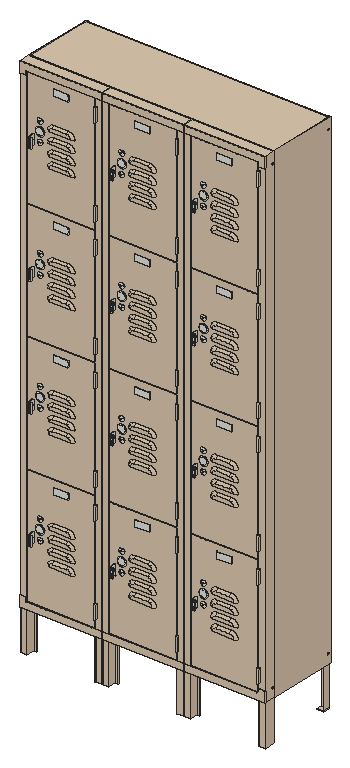
Revit family "Metal_Lockers-Salsbury_Industries-64000_Series-3_Wide_Units", category Specialty Equipment, Revit 2016 (continued)
Definition of nested family "Metal Locker Legs - 3 Wide"
  Dimensions and locks (in)
    plane 6 "Left Side of Unit" to plane 19 "Left Edge or Rear Left Leg" to plane 11 "Left Side of Door Opening" to plane 22 "Inside Edge or Left Rear Leg" to plane 14 "Inside Edge of Front Leg" = 0.120", 0.880", 0.120", 0.320"
    plane 20 to plane 17 "Back Edge of Rear Legs" to plane 8 "Back of Unit" = 1.000", 0.110"
    equal spacing: plane 6 "Left Side of Unit", plane 24, plane 23, plane 7 "Right Side of Unit"
    aligned and locked: level to plane 2
    aligned and locked: Extrusion 3 to Extrusion 4
    aligned and locked: Extrusion 6 to Extrusion 5
    aligned and locked: Extrusion 3 to plane 18 "Right Edge of Rear Right Leg"
    aligned and locked: Extrusion 3 to plane 17 "Back Edge of Rear Legs"
    aligned and locked: Extrusion 5 to plane 19 "Left Edge or Rear Left Leg"
    aligned and locked: plane 17 "Back Edge of Rear Legs" to Extrusion 5
    aligned and locked: plane 5 "Bottom of Unit" to Extrusion 2
    aligned and locked: Extrusion 1 to plane 5 "Bottom of Unit"
    aligned and locked: Extrusion 3 to plane 12 "Top of back legs"
    aligned and locked: plane 12 "Top of back legs" to Extrusion 5
  Automatic sketch dimensions
    plane 13 "Back Edge of Front Facing" to Extrusion 1 sketch curve = 0.000"
    Extrusion 1 sketch curve to plane 15 "Inside Edge of Right Leg" = 0.000"
    plane 16 to Extrusion 1 sketch curve = 0.000"
    Extrusion 1 sketch curve to plane 7 "Right Side of Unit" = 0.000"
    plane 9 "Front of Unit" to Extrusion 1 sketch curve = 0.000"
    Extrusion 1 sketch curve to plane 10 "Right Side of Door Opening" = 0.000"
    Extrusion 1 sketch curve to plane 16 = 0.060"
    Extrusion 1 sketch curve to plane 9 "Front of Unit" = 0.060"
    Extrusion 1 sketch curve to plane 10 "Right Side of Door Opening" = 0.060"
    plane 7 "Right Side of Unit" to Extrusion 1 sketch curve = 0.060"
    Extrusion 2 sketch curve to plane 13 "Back Edge of Front Facing" = 0.000"
    Extrusion 2 sketch curve to plane 14 "Inside Edge of Front Leg" = 0.000"
    Extrusion 2 sketch curve to plane 16 = 0.000"
    Extrusion 2 sketch curve to plane 6 "Left Side of Unit" = 0.000"
    Extrusion 2 sketch curve to plane 9 "Front of Unit" = 0.000"
    Extrusion 2 sketch curve to plane 11 "Left Side of Door Opening" = 0.000"
    plane 16 to Extrusion 2 sketch curve = 0.060"
    plane 9 "Front of Unit" to Extrusion 2 sketch curve = 0.060"
    Extrusion 2 sketch curve to plane 11 "Left Side of Door Opening" = 0.060"
    plane 6 "Left Side of Unit" to Extrusion 2 sketch curve = 0.060"
    plane 17 "Back Edge of Rear Legs" to Extrusion 3 sketch curve = 0.000"
    Extrusion 3 sketch curve to plane 21 "Inside Edge or Rear Right Leg" = 0.000"
    Extrusion 3 sketch curve to plane 18 "Right Edge of Rear Right Leg" = 0.000"
    plane 20 to Extrusion 3 sketch curve = 0.000"
    plane 17 "Back Edge of Rear Legs" to Extrusion 3 sketch curve = 0.060"
    plane 18 "Right Edge of Rear Right Leg" to Extrusion 3 sketch curve = 0.060"
    plane 17 "Back Edge of Rear Legs" to Extrusion 4 sketch curve = 0.000"
    Extrusion 4 sketch curve to plane 18 "Right Edge of Rear Right Leg" = 0.000"
    plane 20 to Extrusion 4 sketch curve = 0.000"
    Extrusion 4 sketch curve to plane 21 "Inside Edge or Rear Right Leg" = 0.000"
    Extrusion 5 sketch curve to plane 17 "Back Edge of Rear Legs" = 0.000"
    Extrusion 5 sketch curve to plane 22 "Inside Edge or Left Rear Leg" = 0.000"
    Extrusion 5 sketch curve to plane 19 "Left Edge or Rear Left Leg" = 0.000"
    Extrusion 5 sketch curve to plane 20 = 0.000"
    Extrusion 5 sketch curve to plane 17 "Back Edge of Rear Legs" = 0.060"
    Extrusion 5 sketch curve to plane 19 "Left Edge or Rear Left Leg" = 0.060"
    Extrusion 6 sketch curve to plane 17 "Back Edge of Rear Legs" = 0.000"
    Extrusion 6 sketch curve to plane 19 "Left Edge or Rear Left Leg" = 0.000"
    Extrusion 6 sketch curve to plane 20 = 0.000"
    Extrusion 6 sketch curve to plane 22 "Inside Edge or Left Rear Leg" = 0.000"
    plane 13 "Back Edge of Front Facing" to Extrusion 7 sketch curve = 0.000"
    plane 16 to Extrusion 7 sketch curve = 0.000"
    plane 9 "Front of Unit" to Extrusion 7 sketch curve = 0.000"
    Extrusion 7 sketch curve to plane 24 = 0.000"
    plane 16 to Extrusion 7 sketch curve = 0.060"
    plane 9 "Front of Unit" to Extrusion 7 sketch curve = 0.060"
    plane 24 to Extrusion 7 sketch curve = 0.060"
    plane 24 to Extrusion 7 sketch curve = 0.940"
    Extrusion 7 sketch curve to Extrusion 7 sketch curve = 0.060"
    Extrusion 7 sketch curve to Extrusion 7 sketch curve = 0.440"
    plane 13 "Back Edge of Front Facing" to Extrusion 8 sketch curve = 0.000"
    plane 16 to Extrusion 8 sketch curve = 0.000"
    plane 9 "Front of Unit" to Extrusion 8 sketch curve = 0.000"
    Extrusion 8 sketch curve to plane 23 = 0.000"
    plane 16 to Extrusion 8 sketch curve = 0.060"
    plane 9 "Front of Unit" to Extrusion 8 sketch curve = 0.060"
    plane 23 to Extrusion 8 sketch curve = 0.060"
    plane 23 to Extrusion 8 sketch curve = 0.940"
    Extrusion 8 sketch curve to Extrusion 8 sketch curve = 0.060"
    Extrusion 8 sketch curve to Extrusion 8 sketch curve = 0.440"
    plane 13 "Back Edge of Front Facing" to Extrusion 9 sketch curve = 0.000"
    plane 16 to Extrusion 9 sketch curve = 0.000"
    plane 9 "Front of Unit" to Extrusion 9 sketch curve = 0.000"
    Extrusion 9 sketch curve to plane 23 = 0.000"
    Extrusion 9 sketch curve to plane 16 = 0.060"
    Extrusion 9 sketch curve to plane 9 "Front of Unit" = 0.060"
    plane 23 to Extrusion 9 sketch curve = 0.060"
    plane 23 to Extrusion 9 sketch curve = 0.940"
    Extrusion 9 sketch curve to Extrusion 9 sketch curve = 0.060"
    Extrusion 9 sketch curve to Extrusion 9 sketch curve = 0.440"
    plane 13 "Back Edge of Front Facing" to Extrusion 10 sketch curve = 0.000"
    plane 16 to Extrusion 10 sketch curve = 0.000"
    plane 9 "Front of Unit" to Extrusion 10 sketch curve = 0.000"
    Extrusion 10 sketch curve to plane 24 = 0.000"
    Extrusion 10 sketch curve to plane 16 = 0.060"
    Extrusion 10 sketch curve to plane 9 "Front of Unit" = 0.060"
    plane 24 to Extrusion 10 sketch curve = 0.060"
    plane 24 to Extrusion 10 sketch curve = 0.940"
    Extrusion 10 sketch curve to Extrusion 10 sketch curve = 0.060"
    Extrusion 10 sketch curve to Extrusion 10 sketch curve = 0.440"
Definition of nested family "Metal Locker Doors-12 inch with Latch Hasps"
  Parameters (values of type "Four Tier Door - 6 foot")
    Width = 9.901"
    Visible = yes
    Primary Structure Material = none
    Louver Set Vertical Alignment = 5.710"
    Number Plate Alignment = 0.9375"
    Louver Width = 4.000"
    Hinge 2 Placement = 14.142"
    Hinge 1 Placement = 1.125"
    Height = 17.360"
    Hasp Plate Rivet Material = none
    Hasp Height = 1.438"
    Depth = 0.900"
  Types (4): name | Louver Set Vertical Alignment | Hinge 2 Placement | Height
    Four Tier Door - 6 foot | 5.710" | 14.142" | 17.360"
    Four Tier Door - 5 foot | 4.240" | 11.142" | 14.360"
    Five Tier Door - 5 foot | 2.826" | 8.188" | 11.463"
    Six Tier Door - 6 foot | 2.731" | 8.449" | 11.532"
  Reference planes (in)
    plane 1 "Center (Front/Back)": y = 0
    plane 2 "Bottom of Door": z = 0
    plane 3 "Center (Left/Right)": x = 0
    plane 4 "Center (Top/Bottom)": z = 8.68
    plane 5 "Top of Door": z = 17.36
    plane 6 "Right Side of Door": x = 4.9505
    plane 7 "Left Side of Door": x = -4.9505
    plane 8 "Front of Door": y = -0.45
    plane 9 "Back of Door": y = 0.45
    plane 10 "Top of Number Plate": z = 16.4225
    plane 11 "Top of Top Vent 1": z = 11.65
    plane 12 "Top of Top Vent 2": z = 10.025
    plane 13 "Top of Top Vent 3": z = 8.4
    plane 14 "Top of Top Vent 4": z = 6.775
    plane 15 "Top of Hasp Alignment": z = 9.399
    plane 16 "Bottom of Hasp Alignment": z = 7.961
    plane 17 "Left Side of Louvers": x = -2
    plane 18 "Right Side of Louvers": x = 2
    plane 19 "Front of Louvers": y = -0.6375
    plane 20: x = -1.094
    plane 21: x = 1.094
    plane 22: z = 15.4225
    plane 23 "Center Hasp": x = -1.7755
    plane 24 "Top of Hinge 2": z = 3.218
    plane 25 "Top of Hinge 1": z = 16.235
    plane 26 "Left Hasp Hole Align": x = -4.263
    plane 27 "Right Hasp Hole Align": x = -4.013
    plane 28 "Center Hasp Stud Align": z = 10.09841
    plane 29 "Top Hasp Stud Align": z = 11.51682
    plane 30 "Vertical Hasp Stud Align": x = -3.076
    plane 31: z = 10.65
    plane 32: z = 9.025
    plane 33: z = 7.4
    plane 34: z = 5.775
    plane 35 "Vertical Center Hasp Align": x = -4.13777
  Forms (in)
    Extrusion 1, solid, material <- "Primary Structure Material", visible <- "Visible"
      sketch origin (0, 0, 0) x (1, 0, 0) y (0, 0, 1)
        loop
          line (-4.9505, 17.36) -> (-4.9505, 0) -> (4.9505, 0) -> (4.9505, 17.36) -> (-4.9505, 17.36)
      from -0.45 to 0.45
    Extrusion 2, solid, material <- "Hasp Plate Rivet Material", visible <- "Visible", detail levels medium+fine
      sketch origin (0, -0.45, 0) x (1, 0, 0) y (0, 0, 1)
        loop
          arc (-1.06847, 16.38695) -> (-1.10166, 15.92421) -> (-1.06847, 15.46147) r 3.2426
          arc (-1.06847, 15.46147) -> (0, 15.42272) -> (1.06847, 15.46147) r 14.75
          arc (1.06847, 15.46147) -> (1.10166, 15.92421) -> (1.06847, 16.38695) r 3.2426
          arc (1.06847, 16.38695) -> (0, 16.41487) -> (-1.06847, 16.38695) r 20.45441
      from 0 to 0.03497
    Extrusion 3, void
      sketch origin (-1.7755, -0.13281, 0.04687) x (0, 0, -1) y (0, -1, 0)
        loop
          circle (-8.29177, -0.16411) r 0.2
      from -0.163 to 0.163
    Extrusion 4, solid, material <- "Primary Structure Material", visible <- "Visible", detail levels medium+fine
      sketch origin (0, 0, 16.235) x (0, -1, 0) y (1, 0, 0)
        loop
          line (0.45, 4.9505) -> (0.575, 4.9505)
          arc (0.575, 4.9505) -> (0.7, 5.0755) -> (0.575, 5.2005) r 0.125
          line (0.575, 5.2005) -> (0.45, 5.2005) -> (0.45, 4.9505)
      from 0 to -2
    Extrusion 5, solid, material <- "Primary Structure Material", visible <- "Visible"
      sketch origin (0, 0, 3.218) x (0, -1, 0) y (1, 0, 0)
        loop
          line (0.45, 4.9505) -> (0.575, 4.9505)
          arc (0.575, 4.9505) -> (0.7, 5.0755) -> (0.575, 5.2005) r 0.125
          line (0.575, 5.2005) -> (0.45, 5.2005) -> (0.45, 4.9505)
      from 0 to -2
    Extrusion 6, void
      sketch origin (0, -0.45, 0) x (1, 0, 0) y (0, 0, 1)
        loop
          line (-4.263, 9.399) -> (-4.263, 7.961) -> (-4.013, 7.961) -> (-4.013, 9.399) -> (-4.263, 9.399)
      from -0.9 to 0
    Blend 7, solid, material <- "Primary Structure Material", visible <- "Visible"
      base sketch origin (0.875, -0.45, 3.057) x (1, 0, 0) y (0, 0, 1)
        loop
          line (-2.875, 7.593) -> (1.125, 7.593)
          arc (1.125, 7.593) -> (0.83211, 8.30011) -> (0.125, 8.593) r 1
          line (0.125, 8.593) -> (-1.875, 8.593)
          arc (-1.875, 8.593) -> (-2.58211, 8.30011) -> (-2.875, 7.593) r 1
      top sketch origin (0.875, -0.6375, 3.057) x (1, 0, 0) y (0, 0, 1)
        loop
          line (-2.44242, 7.593) -> (0.69242, 7.593)
          arc (0.69242, 7.593) -> (0.52766, 7.99075) -> (0.12992, 8.1555) r 0.5625
          line (0.12992, 8.1555) -> (-1.87992, 8.1555)
          arc (-1.87992, 8.1555) -> (-2.27766, 7.99075) -> (-2.44242, 7.593) r 0.5625
      from 0 to 0
    Blend 8, solid, material <- "Primary Structure Material", visible <- "Visible"
      base sketch origin (0.875, -0.45, 4.501) x (1, 0, 0) y (0, 0, 1)
        loop
          line (-2.875, 4.524) -> (1.125, 4.524)
          arc (1.125, 4.524) -> (0.83211, 5.23111) -> (0.125, 5.524) r 1
          line (0.125, 5.524) -> (-1.875, 5.524)
          arc (-1.875, 5.524) -> (-2.58211, 5.23111) -> (-2.875, 4.524) r 1
      top sketch origin (0.875, -0.6375, 4.501) x (1, 0, 0) y (0, 0, 1)
        loop
          line (-2.43346, 4.524) -> (0.68346, 4.524)
          arc (0.68346, 4.524) -> (0.52224, 4.91321) -> (0.13303, 5.07443) r 0.55043
          line (0.13303, 5.07443) -> (-1.88303, 5.07443)
          arc (-1.88303, 5.07443) -> (-2.27224, 4.91321) -> (-2.43346, 4.524) r 0.55043
      from 0 to 0
    Blend 9, solid, material <- "Primary Structure Material", visible <- "Visible"
      base sketch origin (0.875, -0.45, -0.193) x (1, 0, 0) y (0, 0, 1)
        loop
          line (-2.875, 7.593) -> (1.125, 7.593)
          arc (1.125, 7.593) -> (0.83211, 8.30011) -> (0.125, 8.593) r 1
          line (0.125, 8.593) -> (-1.875, 8.593)
          arc (-1.875, 8.593) -> (-2.58211, 8.30011) -> (-2.875, 7.593) r 1
      top sketch origin (0.875, -0.6375, -0.193) x (1, 0, 0) y (0, 0, 1)
        loop
          line (-2.44242, 7.593) -> (0.65342, 7.593)
          arc (0.65342, 7.593) -> (0.50009, 7.96317) -> (0.12992, 8.1165) r 0.5235
          line (0.12992, 8.1165) -> (-1.91892, 8.1165)
          arc (-1.91892, 8.1165) -> (-2.28909, 7.96317) -> (-2.44242, 7.593) r 0.5235
      from 0 to 0
    Blend 10, solid, material <- "Primary Structure Material", visible <- "Visible"
      base sketch origin (0.875, -0.45, 1.251) x (1, 0, 0) y (0, 0, 1)
        loop
          line (-2.875, 4.524) -> (1.125, 4.524)
          arc (1.125, 4.524) -> (0.83211, 5.23111) -> (0.125, 5.524) r 1
          line (0.125, 5.524) -> (-1.875, 5.524)
          arc (-1.875, 5.524) -> (-2.58211, 5.23111) -> (-2.875, 4.524) r 1
      top sketch origin (0.875, -0.6375, 1.251) x (1, 0, 0) y (0, 0, 1)
        loop
          line (-2.43234, 4.524) -> (0.68234, 4.524)
          arc (0.68234, 4.524) -> (0.52129, 4.9128) -> (0.13249, 5.07385) r 0.54985
          line (0.13249, 5.07385) -> (-1.88249, 5.07385)
          arc (-1.88249, 5.07385) -> (-2.27129, 4.9128) -> (-2.43234, 4.524) r 0.54985
      from 0 to 0
    Blend 11, solid, material <- "Hasp Plate Rivet Material", visible <- "Visible", detail levels medium+fine
      base sketch origin (0, -0.45, 0) x (1, 0, 0) y (0, 0, 1)
        loop
          circle (-3.076, 8.68) r 0.375
      top sketch origin (0, -0.45, 0) x (1, 0, 0) y (0, 0, 1)
        loop
          circle (-3.076, 8.68) r 0.09706
      from 0 to 0.03497
    Blend 12, solid, material <- "Hasp Plate Rivet Material", visible <- "Visible", detail levels medium+fine
      base sketch origin (0, -0.45, 2.83682) x (1, 0, 0) y (0, 0, 1)
        loop
          circle (-3.076, 8.68) r 0.375
      top sketch origin (0, -0.45, 2.83682) x (1, 0, 0) y (0, 0, 1)
        loop
          circle (-3.076, 8.68) r 0.09706
      from 0 to 0.03497
    Blend 13, solid, material <- "Hasp Plate Rivet Material", visible <- "Visible", detail levels medium+fine
      base sketch origin (0, -0.45, -0.16841) x (1, 0, 0) y (0, 0, 1)
        loop
          circle (-3.076, 10.26682) r 0.625
      top sketch origin (0, -0.45, -0.16841) x (1, 0, 0) y (0, 0, 1)
        loop
          circle (-3.076, 10.26682) r 0.58088
      from 0 to 0.03497
    Extrusion 14, solid, material <- "Hasp Plate Rivet Material", visible <- "Visible"
      sketch origin (0, 0, 7.961) x (0, -1, 0) y (1, 0, 0)
        loop
          line (-0.45, -4.07527) -> (-0.45, -4.13777) -> (1.2, -4.13777)
          arc (1.2, -4.13777) -> (1.24419, -4.11946) -> (1.2625, -4.07527) r 0.0625
          line (1.2625, -4.07527) -> (1.2625, -3.76277) -> (1.20579, -3.76277) -> (1.20579, -4.0127)
          arc (1.20579, -4.0127) -> (1.18746, -4.05694) -> (1.14322, -4.07527) r 0.06257
          line (1.14322, -4.07527) -> (-0.45, -4.07527)
      from 0 to 1.438
    Extrusion 15, solid, material <- "Hasp Plate Rivet Material", visible <- "Visible"
      sketch origin (0, 0, 7.961) x (0, -1, 0) y (1, 0, 0)
        loop
          line (-0.45, -4.20027) -> (1.2625, -4.20027) -> (1.2625, -4.13777) -> (-0.45, -4.13777) -> (-0.45, -4.20027)
      from 0 to 1.438
    Extrusion 16, void
      sketch origin (-4.013, 0, 0) x (0, 0, -1) y (0, -1, 0)
        loop
          circle (-8.68, 0.82219) r 0.375
      from 0 to 0.25
  Cuts and joins
    Extrusion 3, Extrusion 6 cuts Extrusion 1
    Extrusion 16 cuts Extrusion 14
    Extrusion 16 cuts Extrusion 15
  Lines and regions (in)
    symbolic lines
      curve 1: arc (-2, -0.45, 10.65) -> (-1.70711, -0.45, 11.35711) -> (-1, -0.45, 11.65) r 1
      curve 2: arc (2, -0.45, 10.65) -> (1.70711, -0.45, 11.35711) -> (1, -0.45, 11.65) r 1
      curve 3: arc (2, -0.45, 9.025) -> (1.70711, -0.45, 9.73211) -> (1, -0.45, 10.025) r 1
      curve 4: arc (-2, -0.45, 9.025) -> (-1.70711, -0.45, 9.73211) -> (-1, -0.45, 10.025) r 1
      curve 5: arc (2, -0.45, 7.4) -> (1.70711, -0.45, 8.10711) -> (1, -0.45, 8.4) r 1
      curve 6: arc (-2, -0.45, 7.4) -> (-1.70711, -0.45, 8.10711) -> (-1, -0.45, 8.4) r 1
      curve 7: arc (-2, -0.45, 5.775) -> (-1.70711, -0.45, 6.48211) -> (-1, -0.45, 6.775) r 1
      curve 8: arc (2, -0.45, 5.775) -> (1.70711, -0.45, 6.48211) -> (1, -0.45, 6.775) r 1
      curve 9: line (-2, -0.45, 5.775) -> (2, -0.45, 5.775)
      curve 10: line (1, -0.45, 6.775) -> (-1, -0.45, 6.775)
      curve 11: line (-2, -0.45, 7.4) -> (2, -0.45, 7.4)
      curve 12: line (1, -0.45, 8.4) -> (-1, -0.45, 8.4)
      curve 13: line (1, -0.45, 10.025) -> (-1, -0.45, 10.025)
      curve 14: line (-2, -0.45, 9.025) -> (2, -0.45, 9.025)
      curve 15: line (2, -0.45, 10.65) -> (-2, -0.45, 10.65)
      curve 16: line (1, -0.45, 11.65) -> (-1, -0.45, 11.65)
      curve 17: circle (-3.076, -0.45, 10.09841) r 0.625 normal (0, -1, 0)
      curve 18: circle (-3.076, -0.45, 11.51682) r 0.375 normal (0, -1, 0)
      curve 19: circle (-3.076, -0.45, 8.68) r 0.375 normal (0, -1, 0)
      curve 20: line (-4.263, -0.45, 9.399) -> (-3.76277, -0.45, 9.399)
      curve 21: line (-4.263, -0.45, 7.961) -> (-4.263, -0.45, 9.399)
      curve 22: line (-3.76277, -0.45, 7.961) -> (-4.263, -0.45, 7.961)
      curve 23: line (-3.76277, -0.45, 9.399) -> (-3.76277, -0.45, 7.961)
      curve 24: line (-4.20027, -0.44719, 7.961) -> (-4.20027, -1.2625, 7.961)
      curve 25: line (-4.20027, -1.2625, 7.961) -> (-3.76277, -1.2625, 7.961)
      curve 26: line (-3.76277, -1.2625, 7.961) -> (-3.76277, -1.20579, 7.961)
      curve 27: line (-3.76277, -1.20579, 7.961) -> (-4.0127, -1.20579, 7.961)
      curve 28: arc (-4.0127, -1.20579, 7.961) -> (-4.05694, -1.18746, 7.961) -> (-4.07527, -1.14322, 7.961) r 0.06257
      curve 29: line (-4.07527, -1.14322, 7.961) -> (-4.07527, -0.44719, 7.961)
      curve 30: line (-1.56742, -0.6375, 7.961) -> (-2, -0.45, 7.961)
      curve 31: line (1.55734, -0.6375, 7.961) -> (2.0161, -0.43865, 7.961)
      curve 32: line (1.55734, -0.6375, 7.961) -> (-1.56742, -0.6375, 7.961)
  Dimensions and locks (in)
    equal spacing: plane 5 "Top of Door", plane 4 "Center (Top/Bottom)", plane 2 "Bottom of Door"
    "Height": plane 5 "Top of Door" to plane 2 "Bottom of Door"
    equal spacing: plane 8 "Front of Door", plane 1 "Center (Front/Back)", plane 9 "Back of Door"
    "Depth": plane 8 "Front of Door" to plane 9 "Back of Door"
    equal spacing: plane 7 "Left Side of Door", plane 3 "Center (Left/Right)", plane 6 "Right Side of Door"
    "Width": plane 7 "Left Side of Door" to plane 6 "Right Side of Door"
    "Number Plate Alignment": plane 5 "Top of Door" to plane 10 "Top of Number Plate" to plane 22
    equal spacing: plane 17 "Left Side of Louvers", plane 3 "Center (Left/Right)", plane 18 "Right Side of Louvers"
    "Louver Width": plane 17 "Left Side of Louvers" to plane 18 "Right Side of Louvers"
    "Louver Set Vertical Alignment": plane 5 "Top of Door" to plane 11 "Top of Top Vent 1"
    plane 11 "Top of Top Vent 1" to plane 12 "Top of Top Vent 2" to plane 13 "Top of Top Vent 3" to plane 14 "Top of Top Vent 4" = 1.625", 1.625", 1.625"
    plane 29 "Top Hasp Stud Align" to plane 28 "Center Hasp Stud Align" to plane 15 "Top of Hasp Alignment" to plane 4 "Center (Top/Bottom)" to plane 16 "Bottom of Hasp Alignment" = 1.41841", 0.69941", 0.719", 0.719"
    "Hasp Height": plane 15 "Top of Hasp Alignment" to plane 16 "Bottom of Hasp Alignment"
    locked: plane 19 "Front of Louvers" to plane 8 "Front of Door" at 0.1875
    plane 20 to plane 3 "Center (Left/Right)" to plane 21 = 1.094" locked, 1.094" locked
    "Hinge 1 Placement": plane 5 "Top of Door" to plane 25 "Top of Hinge 1"
    "Hinge 2 Placement": plane 5 "Top of Door" to plane 24 "Top of Hinge 2"
    plane 7 "Left Side of Door" to plane 26 "Left Hasp Hole Align" to plane 27 "Right Hasp Hole Align" to plane 30 "Vertical Hasp Stud Align" = 0.6875" locked, 0.250" locked, 0.937" locked
    plane 11 "Top of Top Vent 1" to plane 31 = 1.000"
    plane 12 "Top of Top Vent 2" to plane 32 = 1.000"
    plane 13 "Top of Top Vent 3" to plane 33 = 1.000"
    plane 14 "Top of Top Vent 4" to plane 34 = 1.000"
    aligned and locked: level to plane 2 "Bottom of Door"
    aligned and locked: plane 5 "Top of Door" to Extrusion 1 sketch curve
    aligned and locked: Extrusion 1 sketch curve to plane 7 "Left Side of Door"
    aligned and locked: plane 2 "Bottom of Door" to Extrusion 1 sketch curve
    aligned and locked: plane 6 "Right Side of Door" to Extrusion 1 sketch curve
    aligned and locked: plane 15 "Top of Hasp Alignment" to Extrusion 6 sketch curve
    aligned and locked: Extrusion 6 sketch curve to plane 26 "Left Hasp Hole Align"
    aligned and locked: Extrusion 6 sketch curve to plane 16 "Bottom of Hasp Alignment"
    aligned and locked: plane 27 "Right Hasp Hole Align" to Extrusion 6 sketch curve
    aligned and locked: plane 11 "Top of Top Vent 1" to Blend 7
    aligned and locked: plane 12 "Top of Top Vent 2" to Blend 8
    aligned and locked: plane 13 "Top of Top Vent 3" to Blend 9
    aligned and locked: plane 14 "Top of Top Vent 4" to Blend 10
    aligned and locked: plane 31 to Blend 7
    aligned and locked: Blend 7 sketch curve to plane 11 "Top of Top Vent 1"
    aligned and locked: plane 31 to Blend 7 sketch curve  (x2)
    aligned and locked: Blend 8 sketch curve to plane 12 "Top of Top Vent 2"
    aligned and locked: plane 32 to Blend 8 sketch curve  (x2)
    aligned and locked: Blend 9 sketch curve to plane 13 "Top of Top Vent 3"
    aligned and locked: plane 33 to Blend 9 sketch curve  (x2)
    aligned and locked: Blend 10 sketch curve to plane 14 "Top of Top Vent 4"
    aligned and locked: plane 34 to Blend 10 sketch curve  (x2)
    aligned and locked: plane 29 "Top Hasp Stud Align" to Blend 12 sketch curve  (x2)
    aligned and locked: plane 4 "Center (Top/Bottom)" to Blend 11 sketch curve  (x2)
    aligned and locked: plane 28 "Center Hasp Stud Align" to Blend 13 sketch curve  (x2)
    aligned and locked: plane 35 "Vertical Center Hasp Align" to Extrusion 15 sketch curve
    aligned and locked: plane 35 "Vertical Center Hasp Align" to Extrusion 14 sketch curve
    aligned and locked: plane 4 "Center (Top/Bottom)" to Extrusion 16 sketch curve
    aligned and locked: curve 1 to Blend 7  (x2)
    aligned and locked: Blend 7 to curve 2  (x2)
    aligned and locked: curve 3 to Blend 8
    aligned and locked: Blend 8 to curve 3
    aligned and locked: curve 4 to Blend 8
    aligned and locked: curve 5 to Blend 9
    aligned and locked: Blend 9 to curve 5
    aligned and locked: Blend 9 to curve 6
    aligned and locked: curve 6 to Blend 9
    aligned and locked: curve 7 to Blend 10
    aligned and locked: curve 8 to Blend 10
    aligned and locked: curve 9 to Blend 10
    aligned and locked: curve 10 to Blend 10
    aligned and locked: curve 14 to Blend 8
    aligned and locked: curve 20 to cut or joined group of Extrusion 1, Extrusion 3, Extrusion 6
    aligned and locked: curve 21 to cut or joined group of Extrusion 1, Extrusion 3, Extrusion 6
    aligned and locked: curve 22 to cut or joined group of Extrusion 14, Extrusion 16
    aligned and locked: curve 23 to cut or joined group of Extrusion 14, Extrusion 16
    aligned and locked: curve 24 to cut or joined group of Extrusion 15, Extrusion 16
    aligned and locked: curve 25 to cut or joined group of Extrusion 15, Extrusion 16
    aligned and locked: curve 26 to cut or joined group of Extrusion 14, Extrusion 16
    aligned and locked: curve 27 to cut or joined group of Extrusion 14, Extrusion 16
    aligned and locked: curve 28 to cut or joined group of Extrusion 14, Extrusion 16
  Automatic sketch dimensions
    Extrusion 2 sketch curve to plane 3 "Center (Left/Right)" = 0.000"  (x2)
    plane 17 "Left Side of Louvers" to Extrusion 2 sketch curve = 0.14094"
    Extrusion 2 sketch curve to plane 18 "Right Side of Louvers" = 0.14094"
    Extrusion 2 sketch curve to level = 4.03954"
    plane 25 "Top of Hinge 1" to Extrusion 2 sketch curve = 0.31079"  (x2)
    Extrusion 2 sketch curve to plane 5 "Top of Door" = 12.81272"
    Extrusion 2 sketch curve to plane 20 = 0.02553"  (x2)
    plane 21 to Extrusion 2 sketch curve = 0.02553"
    Extrusion 2 sketch curve to plane 22 = 0.03897"
    plane 13 "Top of Top Vent 3" to Extrusion 3 sketch curve = 0.06135"
    Extrusion 3 sketch curve to plane 1 "Center (Front/Back)" = 0.0313"
    Extrusion 4 sketch curve to plane 6 "Right Side of Door" = 0.000"
    plane 8 "Front of Door" to Extrusion 4 sketch curve = 0.000"
    Extrusion 4 sketch curve to plane 19 "Front of Louvers" = 0.0625"
    Extrusion 4 sketch curve to plane 6 "Right Side of Door" = 0.125"
    Extrusion 5 sketch curve to plane 6 "Right Side of Door" = 0.000"
    plane 8 "Front of Door" to Extrusion 5 sketch curve = 0.000"
    Extrusion 5 sketch curve to plane 19 "Front of Louvers" = 0.0625"
    Extrusion 5 sketch curve to plane 6 "Right Side of Door" = 0.125"
    plane 17 "Left Side of Louvers" to Blend 7 sketch curve = 0.000"
    plane 18 "Right Side of Louvers" to Blend 7 sketch curve = 0.000"
    Blend 7 sketch curve to plane 23 "Center Hasp" = 0.20808"
    Blend 7 sketch curve to plane 20 = 0.08908"
    plane 21 to Blend 7 sketch curve = 0.08908"
    plane 17 "Left Side of Louvers" to Blend 8 sketch curve = 0.000"
    plane 18 "Right Side of Louvers" to Blend 8 sketch curve = 0.000"
    Blend 8 sketch curve to plane 23 "Center Hasp" = 0.21704"
    Blend 8 sketch curve to plane 20 = 0.08597"
    plane 21 to Blend 8 sketch curve = 0.08597"
    plane 17 "Left Side of Louvers" to Blend 9 sketch curve = 0.000"
    plane 18 "Right Side of Louvers" to Blend 9 sketch curve = 0.000"
    Blend 9 sketch curve to plane 23 "Center Hasp" = 0.20808"
    plane 16 "Bottom of Hasp Alignment" to Blend 9 sketch curve = 0.0375"
    plane 21 to Blend 9 sketch curve = 0.08908"
    plane 17 "Left Side of Louvers" to Blend 10 sketch curve = 0.000"
    plane 18 "Right Side of Louvers" to Blend 10 sketch curve = 0.000"
    Blend 10 sketch curve to plane 23 "Center Hasp" = 0.21816"
    Blend 10 sketch curve to plane 20 = 0.08651"
    plane 21 to Blend 10 sketch curve = 0.08651"
    plane 30 "Vertical Hasp Stud Align" to Blend 11 sketch curve = 0.000"  (x2)
    plane 30 "Vertical Hasp Stud Align" to Blend 12 sketch curve = 0.000"  (x2)
    plane 30 "Vertical Hasp Stud Align" to Blend 13 sketch curve = 0.000"  (x2)
    Extrusion 14 sketch curve to plane 1 "Center (Front/Back)" = 0.450"
    plane 27 "Right Hasp Hole Align" to Extrusion 14 sketch curve = 0.06227"
    Extrusion 14 sketch curve to plane 27 "Right Hasp Hole Align" = 0.0003"
    plane 19 "Front of Louvers" to Extrusion 14 sketch curve = 0.50572"
    Extrusion 14 sketch curve to Extrusion 14 sketch curve = 0.05678"
    Extrusion 14 sketch curve to Extrusion 14 sketch curve = 0.24993"
    plane 9 "Back of Door" to Extrusion 15 sketch curve = 0.000"
    plane 19 "Front of Louvers" to Extrusion 15 sketch curve = 0.625"
    Extrusion 15 sketch curve to plane 26 "Left Hasp Hole Align" = 0.06273"
    Extrusion 14 sketch curve to Extrusion 14 sketch curve = 0.06257"
    plane 19 "Front of Louvers" to Extrusion 16 sketch curve = 0.18469"
    curve 19 to plane 4 "Center (Top/Bottom)" = 0.000"
    plane 30 "Vertical Hasp Stud Align" to curve 19 = 0.000"
    curve 17 to plane 28 "Center Hasp Stud Align" = 0.000"
    plane 30 "Vertical Hasp Stud Align" to curve 17 = 0.000"
    curve 18 to plane 29 "Top Hasp Stud Align" = 0.000"
    plane 30 "Vertical Hasp Stud Align" to curve 18 = 0.000"
    plane 17 "Left Side of Louvers" to curve 11 = 0.000"
    plane 17 "Left Side of Louvers" to curve 4 = 0.000"
    plane 17 "Left Side of Louvers" to curve 9 = 0.000"
    plane 17 "Left Side of Louvers" to curve 15 = 0.000"
    plane 18 "Right Side of Louvers" to curve 8 = 0.000"
    plane 18 "Right Side of Louvers" to curve 3 = 0.000"
    plane 18 "Right Side of Louvers" to curve 15 = 0.000"
    plane 18 "Right Side of Louvers" to curve 11 = 0.000"
    plane 8 "Front of Door" to curve 30 = 0.000"
    plane 19 "Front of Louvers" to curve 30 = 0.000"
    curve 30 to plane 17 "Left Side of Louvers" = 0.000"
    curve 29 to curve 27 = 0.06257"
    curve 24 to plane 8 "Front of Door" = 0.00281"
    curve 29 to plane 8 "Front of Door" = 0.00281"
    curve 31 to plane 8 "Front of Door" = 0.01135"
    curve 30 to plane 23 "Center Hasp" = 0.20808"
    plane 18 "Right Side of Louvers" to curve 32 = 0.44266"
    curve 31 to plane 18 "Right Side of Louvers" = 0.0161"
    radius of Extrusion 3 sketch curve = 0.200"
    radius of Blend 11 sketch curve = 0.375"
    radius of Blend 11 sketch curve = 0.09706"
    radius of Blend 12 sketch curve = 0.375"
    radius of Blend 12 sketch curve = 0.09706"
    radius of Blend 13 sketch curve = 0.625"
    radius of Blend 13 sketch curve = 0.58088"
    radius of Extrusion 16 sketch curve = 0.375"
    radius of curve 17 = 0.625"
    radius of curve 18 = 0.375"
    radius of curve 19 = 0.375"
Definition of nested family "Metal Locker Front Base"
  Parameters (values of type "77742 - for 12" W Lockers with Legs")
    Width = 10.040"
    Visible [instance] = yes
    Version = "1.0 (11/30/15)"
    Type Comments = "Front Base for Standard Metal Lockers"
    Primary Structure Material = none
    Model = "77742"
    MasterFormat Title = ""
    MasterFormat Number = ""
    Manufacturer = "Salsbury Industries"
    Description = "Front Base for 12\" Wide Lockers"
    Depth = 1.185"
    Height = 6.000"
    Assembly Code = ""
  Types (3): name | Width | Visible | Model | Description
    77742 - for 12" W Lockers with Legs | 10.040" | yes | "77742" | "Front Base for 12\" Wide Lockers"
    77745 - for 15" W Lockers with Legs | 13.040" | yes | "77745" | "Front Base for 15\" Wide Lockers"
    None | 10.040" | no | "77742" | "Front Base for 12\" Wide Lockers"
  Reference planes (in)
    plane 1 "Center (Front/Back)": y = -5.417
    plane 2: z = 0
    plane 3 "Center (Left/Right)": x = 0
    plane 4 "Floor": z = 0
    plane 5 "Top of Enclosure": z = 6
    plane 6 "Front of Enclosure": y = -6.005
    plane 7 "Right Side of Enclosure": x = 5.02
    plane 8 "Left Side of Enclosure": x = -5.02
    plane 9 "Back of Enclosure": y = -4.82
  Forms (in)
    Extrusion 1, solid, material <- "Primary Structure Material", visible <- "Visible"
      sketch origin (0, -6.005, 0) x (1, 0, 0) y (0, 0, 1)
        loop
          line (-5.02, 6) -> (-5.02, 0) -> (5.02, 0) -> (5.02, 6) -> (-5.02, 6)
      from -0.06 to 0
    Extrusion 2, solid, material <- "Primary Structure Material", visible <- "Visible"
      sketch origin (0, 0, 0) x (0, 1, 0) y (0, 0, 1)
        loop
          line (-5.945, 6) -> (-5.945, 5.94) -> (-4.82, 5.94) -> (-4.82, 6) -> (-5.945, 6)
      from -5.02 to 5.02
    Extrusion 3, solid, material <- "Primary Structure Material", visible <- "Visible"
      sketch origin (5.02, 0, 0) x (0, 0, -1) y (0, -1, 0)
        loop
          line (-5.75, 5.945) -> (-5.75, 4.82) -> (-0.25, 4.82) -> (-0.25, 5.945) -> (-5.75, 5.945)
      from 0 to 0.06
    Extrusion 4, solid, material <- "Primary Structure Material", visible <- "Visible"
      sketch origin (-5.02, 0, 0) x (0, 0, -1) y (0, -1, 0)
        loop
          line (-5.75, 5.945) -> (-5.75, 4.82) -> (-0.25, 4.82) -> (-0.25, 5.945) -> (-5.75, 5.945)
      from 0 to -0.06
  Dimensions and locks (in)
    "Height": plane 5 "Top of Enclosure" to plane 4 "Floor"
    plane 6 "Front of Enclosure" to plane 1 "Center (Front/Back)" = 0.588"
    "Depth": plane 6 "Front of Enclosure" to plane 9 "Back of Enclosure"
    equal spacing: plane 8 "Left Side of Enclosure", plane 3 "Center (Left/Right)", plane 7 "Right Side of Enclosure"
    "Width": plane 8 "Left Side of Enclosure" to plane 7 "Right Side of Enclosure"
    aligned and locked: level to plane 2
    aligned and locked: plane 8 "Left Side of Enclosure" to Extrusion 2
    aligned and locked: Extrusion 2 to plane 7 "Right Side of Enclosure"
    aligned and locked: Extrusion 1 to plane 7 "Right Side of Enclosure"
  Automatic sketch dimensions
    Extrusion 1 sketch curve to Extrusion 1 sketch curve = 10.040"
    Extrusion 1 sketch curve to Extrusion 1 sketch curve = 6.000"
    Extrusion 2 sketch curve to Extrusion 2 sketch curve = 1.125"
    Extrusion 2 sketch curve to Extrusion 2 sketch curve = 0.060"
    Extrusion 3 sketch curve to Extrusion 3 sketch curve = 5.500"
    Extrusion 3 sketch curve to Extrusion 3 sketch curve = 1.125"
    Extrusion 4 sketch curve to Extrusion 4 sketch curve = 5.500"
    Extrusion 4 sketch curve to Extrusion 4 sketch curve = 1.125"
    Extrusion 1 sketch curve to level = 0.000"
    plane 8 "Left Side of Enclosure" to Extrusion 1 sketch curve = 0.000"
    plane 5 "Top of Enclosure" to Extrusion 2 sketch curve = 0.000"
    Extrusion 2 sketch curve to plane 9 "Back of Enclosure" = 0.000"
    Extrusion 3 sketch curve to plane 9 "Back of Enclosure" = 0.000"
    plane 5 "Top of Enclosure" to Extrusion 3 sketch curve = 0.250"
    Extrusion 4 sketch curve to plane 9 "Back of Enclosure" = 0.000"
    plane 5 "Top of Enclosure" to Extrusion 4 sketch curve = 0.250"
Definition of nested family "Metal Locker Right Side Base"
  Parameters (values of type "77732 Right - for 12" D Lockers with Legs")
    Width including Rivet [instance] = 1.290"
    Visible = yes
    Primary Structure Material = none
    Depth = 10.422"
    Version = "1.0 (11/30/15)"
    Type Comments = "End Base for Standard Metal Lockers"
    Model = "77732"
    MasterFormat Title = ""
    MasterFormat Number = ""
    Manufacturer = "Salsbury Industries"
    Description = "1.25\"W x 6\" H x 10\"D"
    Width = 1.250"
    Height = 6.000"
    Assembly Code = ""
  Types (4): name | Visible | Depth | Model | Description
    77732 Right - for 12" D Lockers with Legs | yes | 10.422" | "77732" | "1.25\"W x 6\" H x 10\"D"
    77735 Right - for 15" D Lockers with Legs | yes | 13.422" | "77735" | "1.25\"W x 6\" H x 13\"D"
    77738 Right - for 18" D Lockers with Legs | yes | 16.422" | "77738" | "1.25\"W x 6\" H x 16\"D"
    None | no | 10.422" | "" | ""
  Reference planes (in)
    plane 1 "Center (Front/Back)": y = 0
    plane 2: z = 0
    plane 3 "Center (Left/Right)": x = 5.395
    plane 4 "Floor": z = 0
    plane 5 "Top of Enclosure": z = 6
    plane 6 "Left Side of Unit": x = 4.77
    plane 7 "Right Side of Unit": x = 6.02
    plane 8 "Left Edge of Enclosure": y = -5.211
    plane 9 "Right Edge of Enclosure": y = 5.211
    plane 10 "Left Edge of Insert": y = -6.27647
    plane 11 "Right Edge of Insert": y = -5.15147
    plane 12 "Rivet Edge": x = 6.06
  Forms (in)
    Extrusion 1, solid, material <- "Primary Structure Material", visible <- "Visible"
      sketch origin (6.02, 0, 0) x (0, 0, -1) y (0, -1, 0)
        loop
          line (-6, 5.211) -> (-6, -5.211) -> (0, -5.211) -> (0, 5.211) -> (-6, 5.211)
      from 0 to 0.06
    Extrusion 2, solid, material <- "Primary Structure Material", visible <- "Visible"
      sketch origin (0, 0, 6) x (0, -1, 0) y (1, 0, 0)
        loop
          line (5.15147, 5.96) -> (5.15147, 5.9) -> (6.27647, 5.9) -> (6.27647, 5.96) -> (5.15147, 5.96)
      from -6 to 0
    Extrusion 3, solid, material <- "Primary Structure Material", visible <- "Visible"
      sketch origin (6.02, 0, 0) x (0, 0, -1) y (0, -1, 0)
        loop
          line (-6, 4.90147) -> (-6, -3.961) -> (-5.94, -3.961) -> (-5.94, 4.90147) -> (-6, 4.90147)
      from 0.06 to 1.25
    Extrusion 4, solid, material <- "Primary Structure Material", visible <- "Visible"
      sketch origin (6.02, 0, -5.94) x (0, 0, -1) y (0, -1, 0)
        loop
          line (-6, 4.90147) -> (-6, -3.961) -> (-5.94, -3.961) -> (-5.94, 4.90147) -> (-6, 4.90147)
      from 0.06 to 1.25
  Dimensions and locks (in)
    "Height": plane 5 "Top of Enclosure" to plane 4 "Floor"
    plane 10 "Left Edge of Insert" to plane 8 "Left Edge of Enclosure" to plane 11 "Right Edge of Insert" = 1.06547" locked, 0.05953" locked
    equal spacing: plane 8 "Left Edge of Enclosure", plane 1 "Center (Front/Back)", plane 9 "Right Edge of Enclosure"
    "Depth": plane 8 "Left Edge of Enclosure" to plane 9 "Right Edge of Enclosure"
    equal spacing: plane 6 "Left Side of Unit", plane 3 "Center (Left/Right)", plane 7 "Right Side of Unit"
    "Width": plane 6 "Left Side of Unit" to plane 7 "Right Side of Unit"
    locked: plane 7 "Right Side of Unit" to plane 12 "Rivet Edge" at 0.04
    "Width including Rivet": plane 6 "Left Side of Unit" to plane 12 "Rivet Edge"
    aligned and locked: level to plane 2
    aligned and locked: plane 11 "Right Edge of Insert" to Extrusion 2
    aligned and locked: plane 10 "Left Edge of Insert" to Extrusion 2
    aligned and locked: Extrusion 3 to Extrusion 1
    aligned and locked: plane 6 "Left Side of Unit" to Extrusion 3
  Automatic sketch dimensions
    plane 5 "Top of Enclosure" to Extrusion 1 sketch curve = 0.000"
    Extrusion 1 sketch curve to level = 0.000"
    Extrusion 2 sketch curve to plane 8 "Left Edge of Enclosure" = 0.05953"
    plane 7 "Right Side of Unit" to Extrusion 2 sketch curve = 0.120"
    Extrusion 2 sketch curve to Extrusion 2 sketch curve = 0.060"
    Extrusion 1 sketch curve to plane 8 "Left Edge of Enclosure" = 0.000"
    Extrusion 1 sketch curve to plane 9 "Right Edge of Enclosure" = 0.000"
    plane 10 "Left Edge of Insert" to Extrusion 2 sketch curve = 0.000"
    plane 5 "Top of Enclosure" to Extrusion 3 sketch curve = 0.000"
    Extrusion 3 sketch curve to Extrusion 3 sketch curve = 0.060"
    plane 9 "Right Edge of Enclosure" to Extrusion 3 sketch curve = 1.250"
    Extrusion 3 sketch curve to plane 11 "Right Edge of Insert" = 0.250"
    Extrusion 4 sketch curve to level = 0.000"
    level to Extrusion 4 sketch curve = 0.060"
    plane 9 "Right Edge of Enclosure" to Extrusion 4 sketch curve = 1.250"
    Extrusion 4 sketch curve to plane 11 "Right Edge of Insert" = 0.250"
Definition of nested family "Metal Locker Left Side Base"
  Parameters (values of type "77732 Left - for 12" D Lockers with Legs")
    Width including Rivet [instance] = 1.290"
    Visible = yes
    Primary Structure Material = none
    Depth = 10.422"
    Version = "1.0 (11/30/15)"
    Type Comments = "End Base for Standard Metal Lockers"
    Model = "77732"
    MasterFormat Title = ""
    MasterFormat Number = ""
    Manufacturer = "Salsbury Industries"
    Description = "1.25\"W x 6\" H x 10\"D"
    Width = 1.250"
    Height = 6.000"
    Assembly Code = ""
  Types (4): name | Visible | Depth | Model | Description
    77732 Left - for 12" D Lockers with Legs | yes | 10.422" | "77732" | "1.25\"W x 6\" H x 10\"D"
    77735 Left - for 15" D Lockers with Legs | yes | 13.422" | "77735" | "1.25\"W x 6\" H x 13\"D"
    77738 Left - for 18" D Lockers with Legs | yes | 16.422" | "77738" | "1.25\"W x 6\" H x 16\"D"
    None | no | 10.422" | "" | ""
  Reference planes (in)
    plane 1 "Center (Front/Back)": y = 0
    plane 2: z = 0
    plane 3 "Center (Left/Right)": x = 5.395
    plane 4 "Floor": z = 0
    plane 5 "Top of Enclosure": z = 6
    plane 6 "Left Side of Unit": x = 4.77
    plane 7 "Right Side of Unit": x = 6.02
    plane 8 "Left Edge of Enclosure": y = -5.211
    plane 9 "Right Edge of Enclosure": y = 5.211
    plane 10 "Left Edge of Insert": y = -6.27647
    plane 11 "Right Edge of Insert": y = -5.15147
    plane 12 "Edge of Rivet": x = 4.73
  Forms (in)
    Extrusion 1, solid, material <- "Primary Structure Material", visible <- "Visible"
      sketch origin (6.02, 0, 0) x (0, 0, -1) y (0, -1, 0)
        loop
          line (-6, 4.90147) -> (-6, -3.961) -> (-5.94, -3.961) -> (-5.94, 4.90147) -> (-6, 4.90147)
      from 0 to 1.19
    Extrusion 2, solid, material <- "Primary Structure Material", visible <- "Visible"
      sketch origin (6.02, 0, -5.94) x (0, 0, -1) y (0, -1, 0)
        loop
          line (-6, 4.90147) -> (-6, -3.961) -> (-5.94, -3.961) -> (-5.94, 4.90147) -> (-6, 4.90147)
      from 0 to 1.19
    Extrusion 3, solid, material <- "Primary Structure Material", visible <- "Visible"
      sketch origin (4.77, 0, 0) x (0, 0, -1) y (0, 1, 0)
        loop
          line (-6, -5.211) -> (0, -5.211) -> (0, 5.211) -> (-6, 5.211) -> (-6, -5.211)
      from 0 to 0.06
    Extrusion 4, solid, material <- "Primary Structure Material", visible <- "Visible"
      sketch origin (10.79, 0, 6) x (0, -1, 0) y (1, 0, 0)
        loop
          line (5.15147, -5.96) -> (6.27647, -5.96) -> (6.27647, -5.9) -> (5.15147, -5.9) -> (5.15147, -5.96)
      from -6 to 0
  Dimensions and locks (in)
    "Height": plane 5 "Top of Enclosure" to plane 4 "Floor"
    plane 10 "Left Edge of Insert" to plane 8 "Left Edge of Enclosure" to plane 11 "Right Edge of Insert" = 1.06547" locked, 0.05953" locked
    equal spacing: plane 8 "Left Edge of Enclosure", plane 1 "Center (Front/Back)", plane 9 "Right Edge of Enclosure"
    "Depth": plane 8 "Left Edge of Enclosure" to plane 9 "Right Edge of Enclosure"
    equal spacing: plane 6 "Left Side of Unit", plane 3 "Center (Left/Right)", plane 7 "Right Side of Unit"
    "Width": plane 6 "Left Side of Unit" to plane 7 "Right Side of Unit"
    "Width including Rivet": plane 12 "Edge of Rivet" to plane 7 "Right Side of Unit"
    plane 12 "Edge of Rivet" to plane 6 "Left Side of Unit" = 0.040"
    aligned and locked: level to plane 2
    aligned and locked: Extrusion 1 to Extrusion 3
    aligned and locked: Extrusion 2 to Extrusion 3
  Automatic sketch dimensions
    plane 5 "Top of Enclosure" to Extrusion 1 sketch curve = 0.000"
    Extrusion 1 sketch curve to Extrusion 1 sketch curve = 0.060"
    plane 9 "Right Edge of Enclosure" to Extrusion 1 sketch curve = 1.250"
    Extrusion 1 sketch curve to plane 11 "Right Edge of Insert" = 0.250"
    Extrusion 2 sketch curve to level = 0.000"
    level to Extrusion 2 sketch curve = 0.060"
    plane 9 "Right Edge of Enclosure" to Extrusion 2 sketch curve = 1.250"
    Extrusion 2 sketch curve to plane 11 "Right Edge of Insert" = 0.250"
    plane 5 "Top of Enclosure" to Extrusion 3 sketch curve = 0.000"
    Extrusion 3 sketch curve to level = 0.000"
    Extrusion 3 sketch curve to plane 8 "Left Edge of Enclosure" = 0.000"
    Extrusion 3 sketch curve to plane 9 "Right Edge of Enclosure" = 0.000"
    plane 11 "Right Edge of Insert" to Extrusion 4 sketch curve = 0.000"
    plane 10 "Left Edge of Insert" to Extrusion 4 sketch curve = 0.000"
    plane 6 "Left Side of Unit" to Extrusion 4 sketch curve = 0.120"
    Extrusion 4 sketch curve to Extrusion 4 sketch curve = 0.060"
Definition of nested family "Metal Locker Zee Base - 3 Wide"
  Parameters (values of type "77572- 36" W x 12" D")
    Width = 36.040"
    Visible = yes
    Version = "1.0 (11/30/15)"
    Type Comments = "Zee Base Kit for Standard Metal Lockers - No Legs"
    Primary Structure Material = none
    Model = "77572"
    MasterFormat Title = ""
    MasterFormat Number = ""
    Manufacturer = "Salsbury Industries"
    Description = "4\" H x 6' L - for 12\" Deep Lockers (Includes 6 Foot Front Base, 2 End Bases, Corner Splicer and 4 Rear Legs)"
    Depth = 12.010"
    Height = 4.000"
    Assembly Code = ""
  Types (6): name | Width | Visible | Model | Depth
    77572- 36" W x 12" D | 36.040" | yes | "77572" | 12.010"
    77575 - 36" W x 15" D | 36.040" | yes | "77575" | 15.010"
    77578 - 36"W x 18"D | 36.040" | yes | "77578" | 18.010"
    77575 - 45"W x 15"D | 45.040" | yes | "77575" | 15.010"
    77578 - 45"W x 18"D | 45.040" | yes | "77578" | 18.010"
    None | 36.040" | no | "77572" | 12.010"
  Reference planes (in)
    plane 1 "Center (Front/Back)": y = 0
    plane 2: z = 0
    plane 3 "Center (Left/Right)": x = 0
    plane 4 "Floor": z = 0
    plane 5 "Bottom of Unit": z = 4
    plane 6 "Left Side of Unit": x = -18.02
    plane 7 "Right Side of Unit": x = 18.02
    plane 8 "Back of Unit": y = 6.005
    plane 9 "Front of Unit": y = -6.005
    plane 10 "Right Side of Door Opening": x = 17.02
    plane 11 "Left Side of Door Opening": x = -17.02
    plane 12 "Top of back legs": z = 4.185
    plane 13 "Back Edge of Front Facing": y = -4.417
    plane 14 "Inside Edge of Front Leg": x = -16.58
    plane 15 "Inside Edge of Right Leg": x = 16.58
    plane 16: y = -4.82
    plane 17 "Back Edge of Rear Legs": y = 5.895
    plane 18 "Right Edge of Rear Right Leg": x = 17.9
    plane 19 "Left Edge or Rear Left Leg": x = -17.9
    plane 20: y = 4.895
    plane 21 "Inside Edge or Rear Right Leg": x = 16.9
    plane 22 "Inside Edge or Left Rear Leg": x = -16.9
  Forms (in)
    Extrusion 1, solid, material <- "Primary Structure Material", visible <- "Visible"
      sketch origin (0, 0, 0) x (0, -1, 0) y (1, 0, 0)
        loop
          line (-5.895, 17.9) -> (-5.895, 16.9) -> (-5.835, 16.9) -> (-5.835, 17.84) -> (-4.895, 17.84) -> (-4.895, 17.9) -> (-5.895, 17.9)
      from 0.06 to 4.185
    Extrusion 2, solid, material <- "Primary Structure Material", visible <- "Visible"
      sketch origin (0, 0, 0) x (0, -1, 0) y (1, 0, 0)
        loop
          line (-5.895, 17.9) -> (-5.895, 16.9) -> (-4.895, 16.9) -> (-4.895, 17.9) -> (-5.895, 17.9)
      from 0 to 0.06
    Extrusion 3, solid, material <- "Primary Structure Material", visible <- "Visible"
      sketch origin (0, 0, 0) x (0, -1, 0) y (1, 0, 0)
        loop
          line (-5.895, -17.9) -> (-4.895, -17.9) -> (-4.895, -17.84) -> (-5.835, -17.84) -> (-5.835, -16.9) -> (-5.895, -16.9) -> (-5.895, -17.9)
      from 0.06 to 4.185
    Extrusion 4, solid, material <- "Primary Structure Material", visible <- "Visible"
      sketch origin (0, 0, 0) x (0, -1, 0) y (1, 0, 0)
        loop
          line (-5.895, -17.9) -> (-4.895, -17.9) -> (-4.895, -16.9) -> (-5.895, -16.9) -> (-5.895, -17.9)
      from 0 to 0.06
    Extrusion 5, solid, material <- "Primary Structure Material", visible <- "Visible"
      sketch origin (0, 0, 0) x (0, 1, 0) y (0, 0, 1)
        loop
          line (-6.005, 4) -> (-6.005, 3.94) -> (-4.417, 3.94) -> (-4.417, 0) -> (-2.769, 0) -> (-2.769, 0.06) -> (-4.357, 0.06) -> (-4.357, 4) -> (-6.005, 4)
      from -18.02 to 18.02
  Dimensions and locks (in)
    equal spacing: plane 6 "Left Side of Unit", plane 3 "Center (Left/Right)", plane 7 "Right Side of Unit"
    "Width": plane 6 "Left Side of Unit" to plane 7 "Right Side of Unit"
    "Height": plane 5 "Bottom of Unit" to plane 4 "Floor"
    equal spacing: plane 9 "Front of Unit", plane 1 "Center (Front/Back)", plane 8 "Back of Unit"
    "Depth": plane 9 "Front of Unit" to plane 8 "Back of Unit"
    plane 12 "Top of back legs" to plane 5 "Bottom of Unit" = 0.185"
    plane 6 "Left Side of Unit" to plane 11 "Left Side of Door Opening" = 1.000"
    plane 10 "Right Side of Door Opening" to plane 7 "Right Side of Unit" = 1.000"
    locked: plane 9 "Front of Unit" to plane 13 "Back Edge of Front Facing" at 1.588
    plane 11 "Left Side of Door Opening" to plane 14 "Inside Edge of Front Leg" = 0.440"
    plane 15 "Inside Edge of Right Leg" to plane 10 "Right Side of Door Opening" = 0.440"
    plane 9 "Front of Unit" to plane 16 = 1.185"
    plane 15 "Inside Edge of Right Leg" to plane 21 "Inside Edge or Rear Right Leg" to plane 10 "Right Side of Door Opening" to plane 18 "Right Edge of Rear Right Leg" to plane 7 "Right Side of Unit" = 0.320", 0.120", 0.880", 0.120"
    plane 6 "Left Side of Unit" to plane 19 "Left Edge or Rear Left Leg" to plane 11 "Left Side of Door Opening" to plane 22 "Inside Edge or Left Rear Leg" to plane 14 "Inside Edge of Front Leg" = 0.120", 0.880", 0.120", 0.320"
    plane 20 to plane 17 "Back Edge of Rear Legs" to plane 8 "Back of Unit" = 1.000", 0.110"
    aligned and locked: level to plane 2
    aligned and locked: Extrusion 1 to Extrusion 2
    aligned and locked: Extrusion 4 to Extrusion 3
    aligned and locked: Extrusion 1 to plane 18 "Right Edge of Rear Right Leg"
    aligned and locked: Extrusion 1 to plane 17 "Back Edge of Rear Legs"
    aligned and locked: Extrusion 3 to plane 19 "Left Edge or Rear Left Leg"
    aligned and locked: plane 17 "Back Edge of Rear Legs" to Extrusion 3
    aligned and locked: Extrusion 1 to plane 12 "Top of back legs"
    aligned and locked: plane 12 "Top of back legs" to Extrusion 3
    aligned and locked: Extrusion 5 to plane 7 "Right Side of Unit"
    aligned and locked: plane 6 "Left Side of Unit" to Extrusion 5
  Automatic sketch dimensions
    plane 17 "Back Edge of Rear Legs" to Extrusion 1 sketch curve = 0.000"
    Extrusion 1 sketch curve to plane 21 "Inside Edge or Rear Right Leg" = 0.000"
    Extrusion 1 sketch curve to plane 18 "Right Edge of Rear Right Leg" = 0.000"
    plane 20 to Extrusion 1 sketch curve = 0.000"
    plane 17 "Back Edge of Rear Legs" to Extrusion 1 sketch curve = 0.060"
    plane 18 "Right Edge of Rear Right Leg" to Extrusion 1 sketch curve = 0.060"
    plane 17 "Back Edge of Rear Legs" to Extrusion 2 sketch curve = 0.000"
    Extrusion 2 sketch curve to plane 18 "Right Edge of Rear Right Leg" = 0.000"
    plane 20 to Extrusion 2 sketch curve = 0.000"
    Extrusion 2 sketch curve to plane 21 "Inside Edge or Rear Right Leg" = 0.000"
    plane 17 "Back Edge of Rear Legs" to Extrusion 3 sketch curve = 0.000"
    Extrusion 3 sketch curve to plane 22 "Inside Edge or Left Rear Leg" = 0.000"
    Extrusion 3 sketch curve to plane 19 "Left Edge or Rear Left Leg" = 0.000"
    plane 20 to Extrusion 3 sketch curve = 0.000"
    Extrusion 3 sketch curve to plane 17 "Back Edge of Rear Legs" = 0.060"
    Extrusion 3 sketch curve to plane 19 "Left Edge or Rear Left Leg" = 0.060"
    plane 17 "Back Edge of Rear Legs" to Extrusion 4 sketch curve = 0.000"
    Extrusion 4 sketch curve to plane 19 "Left Edge or Rear Left Leg" = 0.000"
    plane 20 to Extrusion 4 sketch curve = 0.000"
    Extrusion 4 sketch curve to plane 22 "Inside Edge or Left Rear Leg" = 0.000"
    Extrusion 5 sketch curve to plane 9 "Front of Unit" = 0.000"
    Extrusion 5 sketch curve to level = 0.000"
    Extrusion 5 sketch curve to plane 13 "Back Edge of Front Facing" = 0.000"
    plane 5 "Bottom of Unit" to Extrusion 5 sketch curve = 0.000"
    Extrusion 5 sketch curve to plane 13 "Back Edge of Front Facing" = 0.060"
    Extrusion 5 sketch curve to Extrusion 5 sketch curve = 1.588"
    level to Extrusion 5 sketch curve = 0.060"
    plane 5 "Bottom of Unit" to Extrusion 5 sketch curve = 0.060"
Definition of nested family "Metal Locker Zee Base-Right Side"
  Parameters (values of type "77578 Right - 18" D")
    Width including Rivet [instance] = 1.290"
    Visible = yes
    Primary Structure Material = none
    Depth = 16.362"
    Version = "1.0 (11/30/15)"
    Type Comments = "Zee Base Kit for Standard Metal Lockers - No Legs"
    Model = "77578"
    MasterFormat Title = ""
    MasterFormat Number = ""
    Manufacturer = "Salsbury Industries"
    Description = "4\" H x 6' L - for 12\" Deep Lockers (Includes 6 Foot Front Base, 2 End Bases, Corner Splicer and 4 Rear Legs)"
    Width = 4.000"
    Height = 4.000"
    Assembly Code = ""
  Types (4): name | Visible | Depth | Type Comments | Model | Description
    77572 Right - 12" D | yes | 10.362" | "Zee Base Kit for Standard Metal Lockers - No Legs" | "77572" | "4\" H x 6' L - for 12\" Deep Lockers (Includes 6 Foot Front Base, 2 End Bases, Corner Splicer and 4 Rear Legs)"
    77575 Right - 15" D | yes | 13.362" | "Zee Base Kit for Standard Metal Lockers - No Legs" | "77575" | "4\" H x 6' L - for 12\" Deep Lockers (Includes 6 Foot Front Base, 2 End Bases, Corner Splicer and 4 Rear Legs)"
    77578 Right - 18" D | yes | 16.362" | "Zee Base Kit for Standard Metal Lockers - No Legs" | "77578" | "4\" H x 6' L - for 12\" Deep Lockers (Includes 6 Foot Front Base, 2 End Bases, Corner Splicer and 4 Rear Legs)"
    None | no | 10.362" | "End Base for Standard Metal Lockers" | "" | ""
  Reference planes (in)
    plane 1 "Center (Front/Back)": y = 0
    plane 2: z = 0
    plane 3 "Center (Left/Right)": x = 3.99
    plane 4 "Floor": z = 0
    plane 5 "Top of Enclosure": z = 4
    plane 6 "Left Edge of Insert": x = 4.77
    plane 7 "Right Side of Unit": x = 5.99
    plane 8 "Left Edge of Enclosure": y = -8.181
    plane 9 "Right Edge of Enclosure": y = 8.181
    plane 10 "Bottom Edge of Enclosure": z = 0.06
    plane 11 "Left Edge of Base": x = 1.99
  Forms (in)
    Extrusion 1, solid, material <- "Primary Structure Material", visible <- "Visible"
      sketch origin (5.99, 0, 0) x (0, 0, -1) y (0, -1, 0)
        loop
          line (-4, 6.93967) -> (-4, -6.931) -> (-3.94, -6.931) -> (-3.94, 6.93967) -> (-4, 6.93967)
      from 0.06 to 1.22
    Extrusion 2, solid, material <- "Primary Structure Material", visible <- "Visible"
      sketch origin (0, 0, 0) x (0, -1, 0) y (1, 0, 0)
        loop
          line (-8.181, 1.99) -> (-8.121, 1.99) -> (-8.121, 5.93) -> (8.121, 5.93) -> (8.121, 1.99) -> (8.181, 1.99) -> (8.181, 5.99) -> (-8.181, 5.99) -> (-8.181, 1.99)
      from 0.06 to 4
  Dimensions and locks (in)
    "Height": plane 5 "Top of Enclosure" to plane 4 "Floor"
    equal spacing: plane 8 "Left Edge of Enclosure", plane 1 "Center (Front/Back)", plane 9 "Right Edge of Enclosure"
    "Depth": plane 8 "Left Edge of Enclosure" to plane 9 "Right Edge of Enclosure"
    "Width": plane 11 "Left Edge of Base" to plane 7 "Right Side of Unit"
    equal spacing: plane 11 "Left Edge of Base", plane 3 "Center (Left/Right)", plane 7 "Right Side of Unit"
    locked: plane 4 "Floor" to plane 10 "Bottom Edge of Enclosure" at 0.06
    aligned and locked: level to plane 2
    aligned and locked: plane 6 "Left Edge of Insert" to Extrusion 1
    aligned and locked: Extrusion 2 to plane 9 "Right Edge of Enclosure"
    aligned and locked: Extrusion 2 to plane 10 "Bottom Edge of Enclosure"
    aligned and locked: plane 11 "Left Edge of Base" to Extrusion 2
  Automatic sketch dimensions
    plane 5 "Top of Enclosure" to Extrusion 1 sketch curve = 0.000"
    Extrusion 1 sketch curve to Extrusion 1 sketch curve = 0.060"
    plane 9 "Right Edge of Enclosure" to Extrusion 1 sketch curve = 1.250"
    Extrusion 1 sketch curve to plane 8 "Left Edge of Enclosure" = 1.24133"
    Extrusion 2 sketch curve to plane 7 "Right Side of Unit" = 0.000"
    plane 9 "Right Edge of Enclosure" to Extrusion 2 sketch curve = 0.000"
    plane 6 "Left Edge of Insert" to Extrusion 2 sketch curve = 2.780"  (x2)
    Extrusion 2 sketch curve to Extrusion 2 sketch curve = 0.060"
    plane 7 "Right Side of Unit" to Extrusion 2 sketch curve = 0.060"
    Extrusion 2 sketch curve to plane 8 "Left Edge of Enclosure" = 0.060"
    Extrusion 2 sketch curve to plane 8 "Left Edge of Enclosure" = 0.000"
Definition of nested family "Metal Locker Zee Base-Left Side"
  Parameters (values of type "77572 Left - 12" D")
    Width including Rivet [instance] = 1.290"
    Visible = yes
    Primary Structure Material = none
    Depth = 10.362"
    Version = "1.0 (11/30/15)"
    Type Comments = "Zee Base Kit for Standard Metal Lockers - No Legs"
    Model = "77572"
    MasterFormat Title = ""
    MasterFormat Number = ""
    Manufacturer = "Salsbury Industries"
    Description = "4\" H x 6' L - for 12\" Deep Lockers (Includes 6 Foot Front Base, 2 End Bases, Corner Splicer and 4 Rear Legs)"
    Width = 4.000"
    Height = 4.000"
    Assembly Code = ""
  Types (4): name | Visible | Depth | Type Comments | Model | Description
    77572 Left - 12" D | yes | 10.362" | "Zee Base Kit for Standard Metal Lockers - No Legs" | "77572" | "4\" H x 6' L - for 12\" Deep Lockers (Includes 6 Foot Front Base, 2 End Bases, Corner Splicer and 4 Rear Legs)"
    77575 Left - 15" D | yes | 13.362" | "Zee Base Kit for Standard Metal Lockers - No Legs" | "77575" | "4\" H x 6' L - for 12\" Deep Lockers (Includes 6 Foot Front Base, 2 End Bases, Corner Splicer and 4 Rear Legs)"
    77578 Left- 18" D | yes | 16.362" | "Zee Base Kit for Standard Metal Lockers - No Legs" | "77578" | "4\" H x 6' L - for 12\" Deep Lockers (Includes 6 Foot Front Base, 2 End Bases, Corner Splicer and 4 Rear Legs)"
    None | no | 10.362" | "End Base for Standard Metal Lockers" | "" | ""
  Reference planes (in)
    plane 1 "Center (Front/Back)": y = 0
    plane 2: z = 0
    plane 3 "Center (Left/Right)": x = 3.99
    plane 4 "Floor": z = 0
    plane 5 "Top of Enclosure": z = 4
    plane 6 "Right Side of Unit": x = 5.99
    plane 7 "Left Edge of Enclosure": y = -5.181
    plane 8 "Right Edge of Enclosure": y = 5.181
    plane 9 "Bottom Edge of Enclosure": z = 0.06
    plane 10 "Left Edge of Base": x = 1.99
    plane 11 "Right Edge of Inser": x = 3.21
  Forms (in)
    Extrusion 1, solid, material <- "Primary Structure Material", visible <- "Visible"
      sketch origin (7.98, 0, 0) x (0, -1, 0) y (1, 0, 0)
        loop
          line (-5.181, -1.99) -> (-5.181, -5.99) -> (5.181, -5.99) -> (5.181, -1.99) -> (5.121, -1.99) -> (5.121, -5.93) -> (-5.121, -5.93) -> (-5.121, -1.99) -> (-5.181, -1.99)
      from 0.06 to 4
    Extrusion 2, solid, material <- "Primary Structure Material", visible <- "Visible"
      sketch origin (1.99, 0, 0) x (0, 0, -1) y (0, 1, 0)
        loop
          line (-4, -3.93967) -> (-3.94, -3.93967) -> (-3.94, 3.931) -> (-4, 3.931) -> (-4, -3.93967)
      from 0.06 to 1.22
  Dimensions and locks (in)
    "Height": plane 5 "Top of Enclosure" to plane 4 "Floor"
    equal spacing: plane 7 "Left Edge of Enclosure", plane 1 "Center (Front/Back)", plane 8 "Right Edge of Enclosure"
    "Depth": plane 7 "Left Edge of Enclosure" to plane 8 "Right Edge of Enclosure"
    "Width": plane 10 "Left Edge of Base" to plane 6 "Right Side of Unit"
    equal spacing: plane 10 "Left Edge of Base", plane 3 "Center (Left/Right)", plane 6 "Right Side of Unit"
